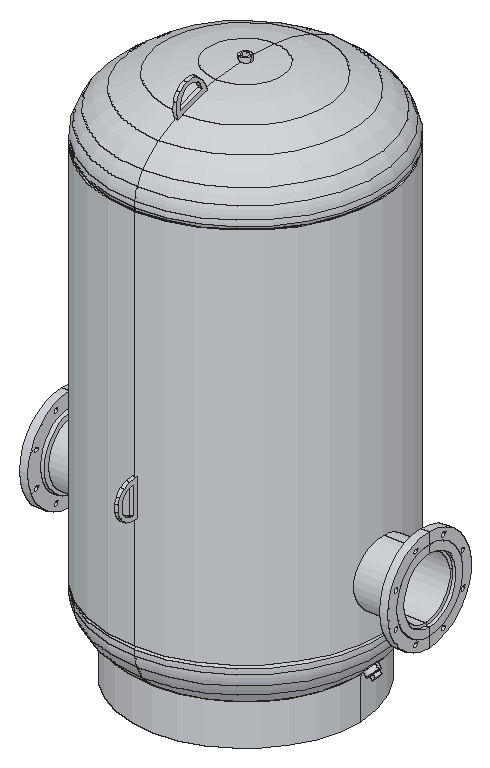
Revit family "CBT-300-8", category Generic Models, Revit 2014
Parameters (values of type "CBT-300-8")
  URL = "http://westank.com/"
  Tank Volume = 300.00 gal
  Part Number = 55360300
  Model = "CBT-300-8"
  Maximum Shipping Weight = 555 lbf
  Flange Connector Diameter = 8"
  Description = "Wessels ASME Chilled Water Buffer Tanks (CBT) are designed for chilled water systems with insufficient water volume capacity in relation to the chiller capacity."
  D = 18 1/2"
  C = 30"
  B = 72"
  A = 36"
Reference planes (in)
  plane 1 "Center (Front/Back)": y = 0
  plane 2: z = 0
  plane 3 "Center (Left/Right)": x = 0
  plane 4: x = -15
  plane 5: x = 15
  plane 6: z = 0
  plane 7: z = 72
  plane 8: x = -18
  plane 9: x = 18
  plane 10: z = 18.5
Forms (in)
  Revolve 1, solid
    sketch origin (0, -0.02461, 0) x (0, 1, 0) y (0, 0, 1)
      loop
        line (-17.97559, 11.40987) -> (-17.77585, 11.40987)
        arc (-17.77585, 11.40987) -> (-17.77901, 11.38745) -> (-17.78675, 11.36617) r 0.10832
        line (-17.78675, 11.36617) -> (-17.97559, 10.97899)
        arc (-17.97559, 10.97899) -> (-17.97692, 10.6034) -> (-17.93634, 10.23002) r 3.36112
        arc (-17.93634, 10.23002) -> (-17.83534, 9.45516) -> (-17.56075, 8.72359) r 3.4127
        arc (-17.56075, 8.72359) -> (-17.14884, 7.91952) -> (-16.63227, 7.17835) r 6.68364
        arc (-16.63227, 7.17835) -> (-15.41449, 5.9118) -> (-13.99078, 4.88214) r 9.83519
        arc (-13.99078, 4.88214) -> (-12.33964, 3.99029) -> (-10.62031, 3.23825) r 22.63963
        arc (-10.62031, 3.23825) -> (-7.74153, 2.33452) -> (-4.76815, 1.82164) r 22.63963
        arc (-4.76815, 1.82164) -> (-2.37465, 1.61295) -> (0.02461, 1.4865) r 70.02787
        line (0.02461, 1.4865) -> (0.02461, 1.65848)
        arc (0.02461, 1.65848) -> (-2.3657, 1.78462) -> (-4.75028, 1.99258) r 69.85599
        arc (-4.75028, 1.99258) -> (-7.70109, 2.50157) -> (-10.55801, 3.39844) r 22.46775
        arc (-10.55801, 3.39844) -> (-12.26429, 4.14477) -> (-13.9029, 5.02985) r 22.46775
        arc (-13.9029, 5.02985) -> (-15.30173, 6.04151) -> (-16.49823, 7.28593) r 9.66331
        arc (-16.49823, 7.28593) -> (-17.00303, 8.01057) -> (-17.40515, 8.79685) r 6.51177
        arc (-17.40515, 8.79685) -> (-17.66943, 9.50016) -> (-17.76465, 10.24543) r 3.24083
        arc (-17.76465, 10.24543) -> (-17.80397, 10.58906) -> (-17.80585, 10.93493) r 3.18924
        line (-17.80585, 10.93493) -> (-17.63227, 11.29083)
        arc (-17.63227, 11.29083) -> (-17.60804, 11.35818) -> (-17.59889, 11.42917) r 0.33041
        line (-17.59889, 11.42917) -> (-17.80365, 11.42917) -> (-17.80365, 62.07314) -> (-17.59889, 62.07314)
        arc (-17.59889, 62.07314) -> (-17.60804, 62.14413) -> (-17.63227, 62.21149) r 0.33041
        line (-17.63227, 62.21149) -> (-17.80585, 62.56739)
        arc (-17.80585, 62.56739) -> (-17.80397, 62.91325) -> (-17.76465, 63.25688) r 3.18924
        arc (-17.76465, 63.25688) -> (-17.66943, 64.00215) -> (-17.40515, 64.70547) r 3.24083
        arc (-17.40515, 64.70547) -> (-17.00303, 65.49175) -> (-16.49823, 66.21639) r 6.51177
        arc (-16.49823, 66.21639) -> (-15.30173, 67.4608) -> (-13.9029, 68.47247) r 9.66331
        arc (-13.9029, 68.47247) -> (-12.26429, 69.35755) -> (-10.55801, 70.10388) r 22.46775
        arc (-10.55801, 70.10388) -> (-7.70109, 71.00074) -> (-4.75028, 71.50973) r 22.46775
        arc (-4.75028, 71.50973) -> (-2.3657, 71.71769) -> (0.02461, 71.84383) r 69.85599
        line (0.02461, 71.84383) -> (0.02461, 72.01582)
        arc (0.02461, 72.01582) -> (-2.37465, 71.88936) -> (-4.76815, 71.68068) r 70.02787
        arc (-4.76815, 71.68068) -> (-7.74153, 71.16779) -> (-10.62031, 70.26407) r 22.63963
        arc (-10.62031, 70.26407) -> (-12.33964, 69.51203) -> (-13.99078, 68.62018) r 22.63963
        arc (-13.99078, 68.62018) -> (-15.41449, 67.59052) -> (-16.63227, 66.32397) r 9.83519
        arc (-16.63227, 66.32397) -> (-17.14884, 65.58279) -> (-17.56075, 64.77872) r 6.68364
        arc (-17.56075, 64.77872) -> (-17.83534, 64.04715) -> (-17.93634, 63.2723) r 3.4127
        arc (-17.93634, 63.2723) -> (-17.97692, 62.89891) -> (-17.97559, 62.52332) r 3.36112
        line (-17.97559, 62.52332) -> (-17.78675, 62.13614)
        arc (-17.78675, 62.13614) -> (-17.77901, 62.11486) -> (-17.77585, 62.09244) r 0.10832
        line (-17.77585, 62.09244) -> (-17.97559, 62.09244) -> (-17.97559, 11.40987)
      axis (0.02461, 1.4865) -> (0.02461, 72.01582)
    angle from 0 to 360
  Revolve 2, solid
    sketch origin (-3.00177, 0, 2.50439) x (-1, 0, 0) y (0, 0, 1)
      loop
        line (19.24959, 11.68316) -> (19.24959, 11.1519) -> (19.87459, 11.1519) -> (19.87459, 9.24568) -> (20.937, 9.24568) -> (20.937, 10.68352) -> (20.9995, 10.68352) -> (20.9995, 11.68316) -> (19.24959, 11.68316)
      axis (20.9995, 15.99561) -> (19.24959, 15.99561)
    angle from 0 to 360
  Revolve 3, solid
    sketch origin (1.3301, 0, 3.24654) x (0.990017, 0, -0.140951) y (0.140951, 0, 0.990017)
      loop
        line (14.71753, 6.11956) -> (14.66586, 6.1556) -> (14.25436, 5.56561) -> (14.86992, 5.13627) -> (15.24588, 5.6753) -> (15.19462, 5.71106) -> (15.31904, 5.88945) -> (14.80641, 6.24699) -> (14.71753, 6.11956)
      axis (14.25436, 5.56561) -> (14.86992, 5.13627)
    angle from 0 to 360
  Extrusion 4, solid
    sketch origin (16.3437, -180, 7.27869) x (0.681658, 0, 0.731671) y (0, -1, 0)
      loop
        line (-0.16036, -179.52645) -> (-0.95521, -179.68698) -> (-0.79485, -180.48095) -> (0, -180.32042) -> (-0.16036, -179.52645)
    from 1.02698 to 1.52678
  Extrusion 5, solid
    sketch origin (0, -6.04905, 4.9833) x (0, 1, 0) y (0, 0, 1)
      loop
        line (-11.93439, 21.33067) -> (-11.93439, 26.202)
        arc (-11.93439, 26.202) -> (-12.47846, 26.15164) -> (-13.01533, 26.05008) r 5.77422
        arc (-13.01533, 26.05008) -> (-13.49297, 25.89754) -> (-13.94252, 25.67548) r 3.35288
        arc (-13.94252, 25.67548) -> (-14.34081, 25.36666) -> (-14.64962, 24.96837) r 2.0073
        arc (-14.64962, 24.96837) -> (-14.80343, 24.58932) -> (-14.88788, 24.18906) r 2.30742
        arc (-14.88788, 24.18906) -> (-14.91277, 23.77188) -> (-14.88788, 23.3547) r 3.50846
        arc (-14.88788, 23.3547) -> (-14.79412, 22.92876) -> (-14.61961, 22.52904) r 2.24053
        arc (-14.61961, 22.52904) -> (-14.27401, 22.08806) -> (-13.80999, 21.77406) r 1.8078
        arc (-13.80999, 21.77406) -> (-13.34321, 21.55591) -> (-12.84107, 21.44044) r 2.44481
        arc (-12.84107, 21.44044) -> (-12.39043, 21.36326) -> (-11.93439, 21.33067) r 4.65484
      loop
        arc (-12.44611, 25.63929) -> (-12.67227, 25.60073) -> (-12.89654, 25.55235) r 5.2625
        arc (-12.89654, 25.55235) -> (-13.30128, 25.42308) -> (-13.68221, 25.23491) r 2.84116
        arc (-13.68221, 25.23491) -> (-13.97364, 25.01013) -> (-14.20134, 24.72098) r 1.49558
        arc (-14.20134, 24.72098) -> (-14.3163, 24.43235) -> (-14.37979, 24.12821) r 1.7957
        arc (-14.37979, 24.12821) -> (-14.40106, 23.77188) -> (-14.37979, 23.41555) r 2.99674
        arc (-14.37979, 23.41555) -> (-14.30745, 23.08689) -> (-14.17279, 22.77846) r 1.72881
        arc (-14.17279, 22.77846) -> (-13.91552, 22.45353) -> (-13.56884, 22.22643) r 1.29608
        arc (-13.56884, 22.22643) -> (-13.1779, 22.0402) -> (-12.75531, 21.94566) r 1.9331
        arc (-12.75531, 21.94566) -> (-12.60126, 21.91347) -> (-12.44611, 21.88716) r 4.14312
        line (-12.44611, 21.88716) -> (-12.44611, 25.63929)
    from -0.24366 to 0.25634
  Extrusion 6, solid
    sketch origin (0, -28.53332, 53.09576) x (0, 0.284015, -0.95882) y (0, 0.95882, 0.284015)
      loop
        arc (-11.9298, 25.67102) -> (-12.15596, 25.63246) -> (-12.38023, 25.58408) r 5.2625
        arc (-12.38023, 25.58408) -> (-12.78497, 25.45482) -> (-13.16591, 25.26664) r 2.84116
        arc (-13.16591, 25.26664) -> (-13.45733, 25.04186) -> (-13.68503, 24.75271) r 1.49558
        arc (-13.68503, 24.75271) -> (-13.8, 24.46408) -> (-13.86349, 24.15994) r 1.7957
        arc (-13.86349, 24.15994) -> (-13.88475, 23.80361) -> (-13.86349, 23.44728) r 2.99674
        arc (-13.86349, 23.44728) -> (-13.79114, 23.11862) -> (-13.65649, 22.81019) r 1.72881
        arc (-13.65649, 22.81019) -> (-13.39922, 22.48527) -> (-13.05253, 22.25816) r 1.29608
        arc (-13.05253, 22.25816) -> (-12.66159, 22.07193) -> (-12.239, 21.97739) r 1.9331
        arc (-12.239, 21.97739) -> (-12.08496, 21.94521) -> (-11.9298, 21.91889) r 4.14312
        line (-11.9298, 21.91889) -> (-11.9298, 25.67102)
      loop
        line (-11.17132, 21.34265) -> (-11.17132, 26.18028)
        arc (-11.17132, 26.18028) -> (-12.11834, 26.16865) -> (-13.02719, 25.90227) r 3.48194
        arc (-13.02719, 25.90227) -> (-13.54727, 25.6041) -> (-13.99851, 25.20943) r 3.03185
        arc (-13.99851, 25.20943) -> (-14.28248, 24.55653) -> (-14.39992, 23.8543) r 2.91879
        arc (-14.39992, 23.8543) -> (-14.3348, 23.1787) -> (-14.08611, 22.54717) r 2.44012
        arc (-14.08611, 22.54717) -> (-13.716, 22.08641) -> (-13.21844, 21.76749) r 1.83162
        arc (-13.21844, 21.76749) -> (-12.21655, 21.45065) -> (-11.17132, 21.34265) r 5.1769
    from -0.24366 to 0.25634
  Extrusion 7, solid
    sketch origin (0, 0, 0) x (1, 0, 0) y (0, 1, 0)
      loop
        circle (0, 0) r 0.75
      loop
        circle (0, 0) r 0.5
    from 71.36613 to 72.49354
  Extrusion 8, void
    sketch origin (-3.60333, 0.13917, 2.92385) x (0, 1, 0) y (0, 0, -1)
      loop
        circle (2.12107, -21.01981) r 0.37532
      loop
        circle (5.29964, -13.33515) r 0.37532
      loop
        circle (5.28583, -17.83322) r 0.37532
      loop
        circle (2.13336, -10.12875) r 0.37532
      loop
        circle (-2.37986, -20.9941) r 0.37532
      loop
        circle (-5.5689, -13.33365) r 0.37532
      loop
        circle (-5.55792, -17.84474) r 0.37532
      loop
        circle (-2.38669, -10.13964) r 0.37532
    from 18.24548 to 21.39667
  Extrusion 9, void
    sketch origin (0, 0, 0) x (1, 0, 0) y (0, 1, 0)
      loop
        circle (0, 0) r 0.5
    from 70.90268 to 73.75579
  Revolve 10, solid
    sketch origin (0, 0, 0) x (1, 0, 0) y (0, 0, 1)
      loop
        line (14.82824, 5.43485) -> (14.82824, 0) -> (15, 0) -> (15, 5.43485) -> (14.82824, 5.43485)
      axis (0, 5.43485) -> (0, 0)
    angle from 0 to 360
  Revolve 11, solid
    sketch origin (-3.60333, 0, 2.50634) x (1, 0, 0) y (0, 0, 1)
      loop
        line (-13.39802, 12.00332) -> (-19.8981, 12.00332) -> (-19.8981, 11.68412) -> (-13.39802, 11.68412) -> (-13.39802, 12.00332)
      axis (-19.8981, 15.99366) -> (-13.39802, 15.99366)
    angle from 0 to 360
  Extrusion 12, void
    sketch origin (0, 0, 1.25376) x (0, 1, 0) y (0, 0, 1)
      loop
        circle (0, 17.24624) r 3.99034
    from -25.54999 to 27.00963
  Revolve 13, solid
    sketch origin (3.00177, 0, 2.50439) x (1, 0, 0) y (0, 0, 1)
      loop
        line (19.24959, 11.68316) -> (19.24959, 11.1519) -> (19.87459, 11.1519) -> (19.87459, 9.24568) -> (20.937, 9.24568) -> (20.937, 10.68352) -> (20.9995, 10.68352) -> (20.9995, 11.68316) -> (19.24959, 11.68316)
      axis (20.9995, 15.99561) -> (19.24959, 15.99561)
    angle from 0 to 360
  Extrusion 14, void
    sketch origin (3.60333, 0.13917, 2.92385) x (0, 1, 0) y (0, 0, 1)
      loop
        circle (2.12107, 21.01981) r 0.37532
      loop
        circle (5.29964, 13.33515) r 0.37532
      loop
        circle (5.28583, 17.83322) r 0.37532
      loop
        circle (2.13336, 10.12875) r 0.37532
      loop
        circle (-2.37986, 20.9941) r 0.37532
      loop
        circle (-5.5689, 13.33365) r 0.37532
      loop
        circle (-5.55792, 17.84474) r 0.37532
      loop
        circle (-2.38669, 10.13964) r 0.37532
    from 18.24548 to 21.39667
  Revolve 15, solid
    sketch origin (3.60333, 0, 2.50634) x (-1, 0, 0) y (0, 0, 1)
      loop
        line (-13.39802, 12.00332) -> (-19.8981, 12.00332) -> (-19.8981, 11.68412) -> (-13.39802, 11.68412) -> (-13.39802, 12.00332)
      axis (-19.8981, 15.99366) -> (-13.39802, 15.99366)
    angle from 0 to 360
Cuts and joins
  joined: Extrusion 4, Extrusion 5, Extrusion 6, Extrusion 7, Revolve 10
  Extrusion 9, Extrusion 12, Extrusion 14 cuts Revolve 1
  Extrusion 8, Extrusion 14 cuts Revolve 2
  joined: Revolve 1, Revolve 2
  Extrusion 14 cuts Revolve 13
Dimensions and locks (in)
  "B": plane 7 to level
  "C": plane 5 to plane 4
  "A": plane 9 to plane 8
  "D": plane 10 to level
  aligned and locked: plane 2 to level
  aligned and locked: Revolve 10 sketch curve to plane 3 "Center (Left/Right)"
Automatic sketch dimensions
  Revolve 1 sketch curve to Revolve 1 sketch curve = 0"  (x56)
  Revolve 1 sketch curve to plane 1 "Center (Front/Back)" = 0"  (x3)
  plane 1 "Center (Front/Back)" to Revolve 1 sketch curve = 2.43969"  (x2)
  Revolve 1 sketch curve to plane 10 = 5.16549"
  plane 1 "Center (Front/Back)" to Revolve 1 sketch curve = 8.98663"  (x2)
  Revolve 1 sketch curve to Revolve 1 sketch curve = 2.45782"  (x2)
  Revolve 1 sketch curve to Revolve 1 sketch curve = 3.10417"  (x2)
  Revolve 1 sketch curve to Revolve 1 sketch curve = 0.0964"  (x2)
  Revolve 1 sketch curve to Revolve 1 sketch curve = 2.97849"  (x2)
  Revolve 1 sketch curve to plane 7 = 9.78851"
  Revolve 1 sketch curve to Revolve 1 sketch curve = 0.03338"  (x2)
  Revolve 1 sketch curve to plane 10 = 7.20917"
  Revolve 1 sketch curve to Revolve 1 sketch curve = 0.17696"  (x2)
  Revolve 1 sketch curve to plane 10 = 7.13383"
  Revolve 1 sketch curve to Revolve 1 sketch curve = 0.0109"  (x2)
  Revolve 1 sketch curve to plane 7 = 9.86386"
  Revolve 1 sketch curve to Revolve 1 sketch curve = 0.0278"
  Revolve 1 sketch curve to Revolve 1 sketch curve = 0.17358"  (x2)
  Revolve 1 sketch curve to plane 10 = 7.56507"
  Revolve 1 sketch curve to Revolve 1 sketch curve = 0.08045"  (x2)
  Revolve 1 sketch curve to Revolve 1 sketch curve = 0.04514"  (x2)
  Revolve 1 sketch curve to Revolve 1 sketch curve = 0.04635"
  Revolve 1 sketch curve to plane 10 = 7.52101"
  Revolve 1 sketch curve to Revolve 1 sketch curve = 0.16974"  (x2)
  Revolve 1 sketch curve to plane 7 = 9.47668"
  Revolve 1 sketch curve to plane 7 = 0.52976"
  Revolve 1 sketch curve to plane 1 "Center (Front/Back)" = 2.48565"  (x2)
  Revolve 1 sketch curve to Revolve 1 sketch curve = 0.51151"
  Revolve 1 sketch curve to Revolve 1 sketch curve = 0.49854"  (x2)
  level to Revolve 1 sketch curve = 2.03208"
  level to Revolve 1 sketch curve = 1.65848"
  Revolve 1 sketch curve to Revolve 1 sketch curve = 0.17198"
  Revolve 1 sketch curve to Revolve 1 sketch curve = 1 249/256"  (x2)
  Revolve 1 sketch curve to Revolve 1 sketch curve = 0.0437"
  Revolve 1 sketch curve to Revolve 1 sketch curve = 0.0193"
  plane 10 to Revolve 1 sketch curve = 5.83865"
  Revolve 1 sketch curve to Revolve 1 sketch curve = 13.04782"
  Revolve 1 sketch curve to Revolve 1 sketch curve = 2.04368"
  Revolve 1 sketch curve to Revolve 1 sketch curve = 0.0695"
  Revolve 1 sketch curve to Revolve 1 sketch curve = 0.02202"
  Revolve 1 sketch curve to Revolve 1 sketch curve = 0.04406"
  Revolve 1 sketch curve to Revolve 1 sketch curve = 0.64986"
  Revolve 1 sketch curve to plane 7 = 0.15617"
  plane 7 to Revolve 1 sketch curve = 0.01582"
  Revolve 1 sketch curve to plane 7 = 1.89612"
  level to Revolve 1 sketch curve = 3 51/128"
  Revolve 1 sketch curve to Revolve 1 sketch curve = 0.06229"  (x2)
  Revolve 1 sketch curve to Revolve 1 sketch curve = 0.90692"  (x2)
  Revolve 1 sketch curve to Revolve 1 sketch curve = 0.1556"  (x2)
  Revolve 1 sketch curve to Revolve 1 sketch curve = 4.55443"
  Revolve 1 sketch curve to Revolve 1 sketch curve = 3 3/4"
  Revolve 2 sketch curve to plane 10 = 0"
  plane 8 to Revolve 2 sketch curve = 4.25136"
  Revolve 2 sketch curve to Revolve 2 sketch curve = 5/8"
  Revolve 2 sketch curve to Revolve 2 sketch curve = 1.06241"
  Revolve 2 sketch curve to Revolve 2 sketch curve = 1/16"
  plane 10 to Revolve 2 sketch curve = 4.31245"
  Revolve 2 sketch curve to Revolve 2 sketch curve = 17/32"
  Revolve 2 sketch curve to Revolve 2 sketch curve = 0.99965"
  Revolve 2 sketch curve to Revolve 2 sketch curve = 1.43784"
  Revolve 2 sketch curve to plane 8 = 0.99857"
  Revolve 2 sketch curve to Revolve 2 sketch curve = 0.68278"
  plane 5 to Revolve 3 sketch curve = 1.22663"
  level to Revolve 3 sketch curve = 6.74742"
  Revolve 3 sketch curve to Revolve 3 sketch curve = 0.4115"
  Revolve 3 sketch curve to Revolve 3 sketch curve = 0.05167"
  Revolve 3 sketch curve to Revolve 3 sketch curve = 0.08888"
  Revolve 3 sketch curve to Revolve 3 sketch curve = 0.61556"
  Revolve 3 sketch curve to Revolve 3 sketch curve = 0.47709"
  Revolve 3 sketch curve to Revolve 3 sketch curve = 0.05126"
  Revolve 3 sketch curve to Revolve 3 sketch curve = 0.42934"
  Revolve 3 sketch curve to Revolve 3 sketch curve = 0.12768"
  Revolve 3 sketch curve to Revolve 3 sketch curve = 0"  (x2)
  Revolve 3 sketch curve to Revolve 3 sketch curve = 0.08905"
  plane 1 "Center (Front/Back)" to Extrusion 4 sketch curve = 0.31302"
  Extrusion 4 sketch curve to plane 1 "Center (Front/Back)" = 0.48095"
  Extrusion 4 sketch curve to Extrusion 4 sketch curve = 0.16036"  (x2)
  plane 1 "Center (Front/Back)" to Extrusion 4 sketch curve = 0.47355"
  Extrusion 4 sketch curve to Extrusion 4 sketch curve = 0.79485"
  Extrusion 4 sketch curve to plane 1 "Center (Front/Back)" = 0.32042"
  Extrusion 5 sketch curve to Extrusion 5 sketch curve = 0"  (x24)
  plane 1 "Center (Front/Back)" to Extrusion 5 sketch curve = 19.09014"
  Extrusion 5 sketch curve to Extrusion 5 sketch curve = 0.11966"
  Extrusion 5 sketch curve to Extrusion 5 sketch curve = 0.25819"
  Extrusion 5 sketch curve to Extrusion 5 sketch curve = 17/256"
  Extrusion 5 sketch curve to Extrusion 5 sketch curve = 0.04958"
  Extrusion 5 sketch curve to Extrusion 5 sketch curve = 0.15073"
  Extrusion 5 sketch curve to Extrusion 5 sketch curve = 0.20915"
  Extrusion 5 sketch curve to Extrusion 5 sketch curve = 131/256"
  Extrusion 5 sketch curve to Extrusion 5 sketch curve = 0.10338"
  Extrusion 5 sketch curve to Extrusion 5 sketch curve = 0.25955"
  Extrusion 5 sketch curve to Extrusion 5 sketch curve = 1.14294"
  plane 10 to Extrusion 5 sketch curve = 6.91692"
  Extrusion 5 sketch curve to Extrusion 5 sketch curve = 0.89706"
  Extrusion 5 sketch curve to Extrusion 5 sketch curve = 0.55648"
  Extrusion 5 sketch curve to Extrusion 5 sketch curve = 0.90165"
  Extrusion 5 sketch curve to Extrusion 5 sketch curve = 0.62139"
  Extrusion 5 sketch curve to Extrusion 5 sketch curve = 27/128"
  Extrusion 5 sketch curve to Extrusion 5 sketch curve = 0.15076"
  Extrusion 5 sketch curve to Extrusion 5 sketch curve = 0.24641"
  Extrusion 5 sketch curve to Extrusion 5 sketch curve = 0.04716"
  Extrusion 5 sketch curve to Extrusion 5 sketch curve = 0.0326"
  Extrusion 5 sketch curve to Extrusion 5 sketch curve = 1.7246"
  Extrusion 5 sketch curve to Extrusion 5 sketch curve = 0.34507"
  Extrusion 5 sketch curve to Extrusion 5 sketch curve = 0.21764"
  Extrusion 5 sketch curve to Extrusion 5 sketch curve = 1.12273"
  Extrusion 5 sketch curve to Extrusion 5 sketch curve = 0.78568"
  Extrusion 5 sketch curve to Extrusion 5 sketch curve = 0.24115"
  Extrusion 5 sketch curve to Extrusion 5 sketch curve = 0.2603"
  Extrusion 5 sketch curve to Extrusion 5 sketch curve = 0.60395"
  Extrusion 5 sketch curve to Extrusion 5 sketch curve = 0.51913"
  Extrusion 5 sketch curve to Extrusion 5 sketch curve = 0.44682"
  Extrusion 5 sketch curve to Extrusion 5 sketch curve = 0.44829"
  Extrusion 6 sketch curve to plane 7 = 0.23736"
  plane 1 "Center (Front/Back)" to Extrusion 6 sketch curve = 9.61397"
  Extrusion 6 sketch curve to Extrusion 6 sketch curve = 0.03301"
  Extrusion 6 sketch curve to Extrusion 6 sketch curve = 0.08665"
  Extrusion 6 sketch curve to Extrusion 6 sketch curve = 0.34483"
  Extrusion 6 sketch curve to Extrusion 6 sketch curve = 17/256"
  Extrusion 6 sketch curve to Extrusion 6 sketch curve = 0.04958"
  Extrusion 6 sketch curve to Extrusion 6 sketch curve = 0.06885"
  Extrusion 6 sketch curve to Extrusion 6 sketch curve = 0.56197"
  Extrusion 6 sketch curve to Extrusion 6 sketch curve = 0.36028"
  Extrusion 6 sketch curve to Extrusion 6 sketch curve = 0.06601"
  Extrusion 6 sketch curve to Extrusion 6 sketch curve = 0.11815"
  Extrusion 6 sketch curve to Extrusion 6 sketch curve = 0.47821"
  Extrusion 6 sketch curve to Extrusion 6 sketch curve = 0.75848"
  Extrusion 6 sketch curve to Extrusion 6 sketch curve = 0.14338"
  Extrusion 6 sketch curve to Extrusion 6 sketch curve = 0.00673"
  Extrusion 6 sketch curve to Extrusion 6 sketch curve = 0.01279"
  Extrusion 6 sketch curve to Extrusion 6 sketch curve = 0.59588"
  Extrusion 6 sketch curve to Extrusion 6 sketch curve = 0.3061"
  Extrusion 6 sketch curve to Extrusion 6 sketch curve = 0.31529"
  Extrusion 6 sketch curve to Extrusion 6 sketch curve = 0.0954"
  Extrusion 6 sketch curve to Extrusion 6 sketch curve = 0.80625"
  Extrusion 6 sketch curve to Extrusion 6 sketch curve = 0.57624"
  Extrusion 6 sketch curve to Extrusion 6 sketch curve = 0.8773"
  Extrusion 6 sketch curve to Extrusion 6 sketch curve = 0.00686"
  Extrusion 6 sketch curve to Extrusion 6 sketch curve = 0.20406"
  Extrusion 6 sketch curve to Extrusion 6 sketch curve = 0.59172"
  Extrusion 6 sketch curve to Extrusion 6 sketch curve = 0.09548"
  Extrusion 6 sketch curve to Extrusion 6 sketch curve = 0.07607"
  Extrusion 6 sketch curve to Extrusion 6 sketch curve = 0.15093"
  Extrusion 6 sketch curve to Extrusion 6 sketch curve = 0.04716"
  Extrusion 6 sketch curve to Extrusion 6 sketch curve = 0.0326"
  Extrusion 6 sketch curve to Extrusion 6 sketch curve = 1.7246"
  Extrusion 6 sketch curve to Extrusion 6 sketch curve = 0.34507"
  Extrusion 6 sketch curve to Extrusion 6 sketch curve = 0.16418"
  Extrusion 6 sketch curve to Extrusion 6 sketch curve = 0.33927"
  Extrusion 6 sketch curve to Extrusion 6 sketch curve = 0"  (x6)
  Extrusion 6 sketch curve to Extrusion 6 sketch curve = 0.1659"
  Extrusion 6 sketch curve to Extrusion 6 sketch curve = 0.13872"
  Extrusion 6 sketch curve to Extrusion 6 sketch curve = 0.42962"
  Extrusion 6 sketch curve to Extrusion 6 sketch curve = 0.51913"
  Extrusion 6 sketch curve to Extrusion 6 sketch curve = 0.31348"
  Extrusion 7 sketch curve to Extrusion 7 sketch curve = 0"  (x2)
  plane 1 "Center (Front/Back)" to Extrusion 7 sketch curve = 0"
  Extrusion 7 sketch curve to plane 3 "Center (Left/Right)" = 0"
  Extrusion 8 sketch curve to plane 10 = 2.2425"
  plane 1 "Center (Front/Back)" to Extrusion 8 sketch curve = 5.42973"
  Extrusion 8 sketch curve to Extrusion 8 sketch curve = 0.01099"
  plane 1 "Center (Front/Back)" to Extrusion 8 sketch curve = 2.24752"
  plane 1 "Center (Front/Back)" to Extrusion 8 sketch curve = 2.24069"
  Extrusion 8 sketch curve to plane 1 "Center (Front/Back)" = 2.26024"
  Extrusion 8 sketch curve to plane 1 "Center (Front/Back)" = 2.27253"
  Extrusion 8 sketch curve to Extrusion 8 sketch curve = 3.16476"
  Extrusion 8 sketch curve to plane 10 = 2.24101"
  Extrusion 8 sketch curve to Extrusion 8 sketch curve = 0.01381"
  plane 10 to Extrusion 8 sketch curve = 2.25707"
  plane 10 to Extrusion 8 sketch curve = 2.26859"
  Extrusion 8 sketch curve to Extrusion 8 sketch curve = 3.14936"
  Extrusion 8 sketch curve to Extrusion 8 sketch curve = 3.18658"
  Extrusion 8 sketch curve to Extrusion 8 sketch curve = 3.19401"
  Extrusion 8 sketch curve to Extrusion 8 sketch curve = 3.20639"
  Extrusion 9 sketch curve to Extrusion 9 sketch curve = 0"  (x2)
  plane 1 "Center (Front/Back)" to Extrusion 9 sketch curve = 0"
  Extrusion 9 sketch curve to plane 3 "Center (Left/Right)" = 0"
  Extrusion 9 sketch curve to plane 3 "Center (Left/Right)" = 1/2"
  Revolve 10 sketch curve to level = 0"
  Revolve 10 sketch curve to plane 5 = 0"
  Revolve 10 sketch curve to plane 5 = 0.17176"
  level to Revolve 10 sketch curve = 5.43485"
  level to Revolve 10 sketch curve = 4.69941"
  Revolve 10 sketch curve to Revolve 10 sketch curve = 1"
  Revolve 11 sketch curve to plane 10 = 0"
  Revolve 11 sketch curve to plane 8 = 5.50143"
  plane 8 to Revolve 11 sketch curve = 0.99864"
  Revolve 11 sketch curve to plane 10 = 3.99034"
  Revolve 11 sketch curve to Revolve 11 sketch curve = 0.3192"
  plane 8 to Revolve 11 sketch curve = 0.68628"
  Revolve 11 sketch curve to Revolve 11 sketch curve = 0.36015"
  Extrusion 12 sketch curve to Extrusion 12 sketch curve = 0"  (x2)
  Extrusion 12 sketch curve to plane 1 "Center (Front/Back)" = 0"
  Extrusion 12 sketch curve to plane 10 = 0"
  Extrusion 12 sketch curve to Extrusion 12 sketch curve = 3.99034"
  Revolve 13 sketch curve to plane 10 = 0"
  plane 9 to Revolve 13 sketch curve = 4.25136"
  Revolve 13 sketch curve to Revolve 13 sketch curve = 5/8"
  Revolve 13 sketch curve to Revolve 13 sketch curve = 1.06241"
  Revolve 13 sketch curve to Revolve 13 sketch curve = 1/16"
  Revolve 13 sketch curve to plane 10 = 4.31245"
  Revolve 13 sketch curve to Revolve 13 sketch curve = 17/32"
  Revolve 13 sketch curve to Revolve 13 sketch curve = 0.99965"
  Revolve 13 sketch curve to Revolve 13 sketch curve = 1.43784"
  Revolve 13 sketch curve to plane 9 = 0.99857"
  Revolve 13 sketch curve to Revolve 13 sketch curve = 0.68278"
  Extrusion 14 sketch curve to plane 10 = 2.2425"
  plane 1 "Center (Front/Back)" to Extrusion 14 sketch curve = 5.42973"
  Extrusion 14 sketch curve to Extrusion 14 sketch curve = 0.01099"
  plane 1 "Center (Front/Back)" to Extrusion 14 sketch curve = 2.24752"
  plane 1 "Center (Front/Back)" to Extrusion 14 sketch curve = 2.24069"
  Extrusion 14 sketch curve to plane 1 "Center (Front/Back)" = 2.26024"
  Extrusion 14 sketch curve to plane 1 "Center (Front/Back)" = 2.27253"
  Extrusion 14 sketch curve to Extrusion 14 sketch curve = 3.16476"
  Extrusion 14 sketch curve to plane 10 = 2.24101"
  Extrusion 14 sketch curve to Extrusion 14 sketch curve = 0.01381"
  Extrusion 14 sketch curve to Extrusion 14 sketch curve = 3.19401"
  Extrusion 14 sketch curve to Extrusion 14 sketch curve = 3.20639"
  plane 10 to Extrusion 14 sketch curve = 2.25707"
  plane 10 to Extrusion 14 sketch curve = 2.26859"
  Extrusion 14 sketch curve to Extrusion 14 sketch curve = 3.14936"
  Extrusion 14 sketch curve to Extrusion 14 sketch curve = 3.18658"
  Revolve 15 sketch curve to plane 10 = 0"
  Revolve 15 sketch curve to plane 9 = 5.50143"
  plane 9 to Revolve 15 sketch curve = 0.99864"
  plane 10 to Revolve 15 sketch curve = 3.99034"
  Revolve 15 sketch curve to Revolve 15 sketch curve = 0.3192"
  plane 9 to Revolve 15 sketch curve = 0.68628"
  Revolve 15 sketch curve to Revolve 15 sketch curve = 0.36015"
  radius of Extrusion 7 sketch curve = 3/4"
  radius of Extrusion 7 sketch curve = 1/2"
  radius of Extrusion 8 sketch curve = 0.37532"  (x8)
  radius of Extrusion 14 sketch curve = 0.37532"  (x8)
Connectors (in)
  piping at (24.00127, 0, 18.5), diameter 8, driven by "Flange Connector Diameter"
    settings: on Revolve 13, index 1, connector inside diameter 24", connector length 0", flow factor 0, pipe flow 0 GPM, pressure drop 0.00 psi, fitting loss kfactor 0, connector angle 0.00°, fixture units 0, engagement length 0", angle of deflection 0.00°, flow configuration 0, flow direction 0, fitting loss method 0, system type 7, joint type 0, gender type 0, connector reference index 2, connector utility 0, adjustable connector no, is connector primary yes, connector description ""
  piping at (-23.93877, 0, 18.5), diameter 8, driven by "Flange Connector Diameter"
    settings: on Revolve 2, index 2, connector inside diameter 24", connector length 0", flow factor 0, pipe flow 0 GPM, pressure drop 0.00 psi, fitting loss kfactor 0, connector angle 0.00°, fixture units 0, engagement length 0", angle of deflection 0.00°, flow configuration 0, flow direction 0, fitting loss method 0, system type 7, joint type 0, gender type 0, connector reference index 1, connector utility 0, adjustable connector no, is connector primary no, connector description ""
